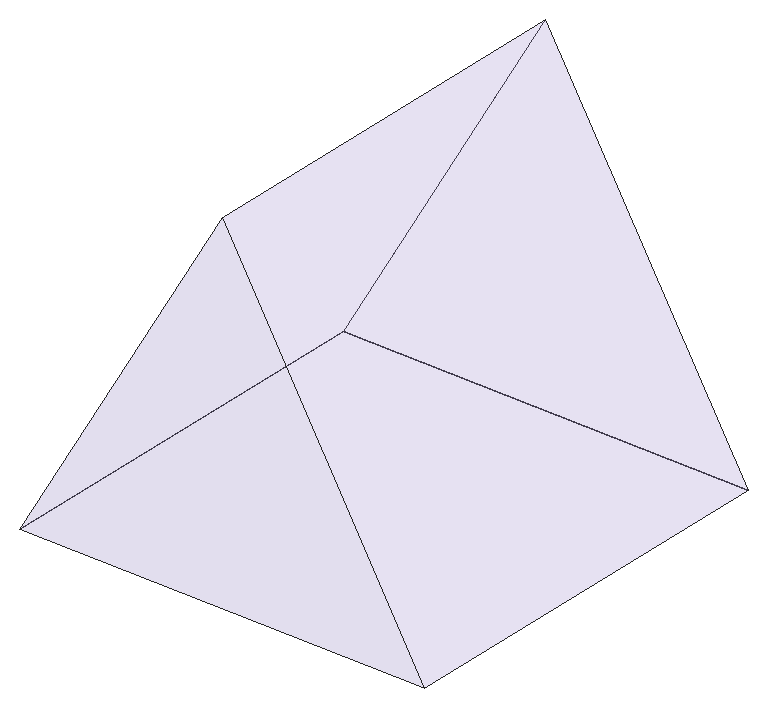
Revit family
Parameters
  Side Length [instance] = 9000 mm
  Mass Material [instance] = Default Mass
  Height [instance] = Side Length * (sin(60.00°))  # 7794.229 mm
  Depth [instance] = 9000 mm
  Default Elevation = 1200 mm
Reference planes
  plane 1 "Center (Front/Back)": y = 12.955
  plane 2: z = 0
  plane 3 "Center (Left/Right)": x = -30.261
  plane 4: y = 4512.955
  plane 5: x = 4469.739
  plane 6: x = -4530.261
  plane 7: y = -4487.045
  plane 8: z = 7794.229
Forms (mm)
  Extrusion 1, solid, material "Default Mass" <- "Mass Material"
    sketch origin (-152.4, 12.955, 1082.226) x (1, 0, 0) y (0, 0, 1)
      loop
        line (-4377.861, -1082.226) -> (4622.139, -1082.226) -> (122.139, 6712.003) -> (-4377.861, -1082.226)
    from -4500 to 4500
Dimensions and locks
  equal spacing: plane 4, plane 1 "Center (Front/Back)", plane 7
  "Depth": plane 4 to plane 7
  locked: plane 2 to level
  "Height": plane 8 to plane 2
  equal spacing: plane 6, plane 3 "Center (Left/Right)", plane 5
  "Side Length": plane 6 to plane 5
  "Side Length": Extrusion 1 sketch curve to Extrusion 1 sketch curve  (x2)
  aligned and locked: Extrusion 1 to plane 7
  aligned and locked: Extrusion 1 to plane 4
  aligned and locked: Extrusion 1 sketch curve to plane 2
  aligned and locked: plane 6 to Extrusion 1 sketch curve
Automatic sketch dimensions
  Extrusion 1 sketch curve to plane 3 "Center (Left/Right)" = 0 mm
